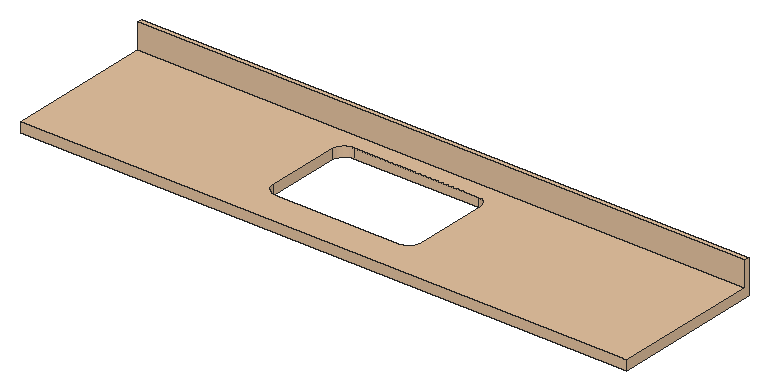
Revit family
Parameters (values of type "600mm Depth")
  Counter Thickness = 40 mm
  Counter Top Material = none
  Depth = 625 mm
  Height [instance] = 940 mm
  Length [instance] = 2500 mm
  Sink Location [instance] = 1200 mm
  Sink Location To Wall [instance] = 100 mm
  Sink Opening Depth [instance] = 378 mm
  Sink Opening Width [instance] = 587 mm
  Assembly Code = ""
Reference planes
  plane 1 "Back": y = 0
  plane 2: z = 0
  plane 3 "Left": x = -1200.462
  plane 4 "Right": x = 1299.538
  plane 5 "Front": y = -625
  plane 6 "Top": z = 940
  plane 7: z = 900
  plane 8: y = -19.05
  plane 9: z = 1041.6
  plane 10: x = -0.462
  plane 11: y = -100
  plane 12: x = 293.038
  plane 13: y = -478
  plane 14: x = -293.962
  plane 15: y = -87.3
  plane 16: x = 305.738
  plane 17: y = -490.7
  plane 18: x = -306.662
Forms (mm)
  Extrusion 1, solid, material <- "Counter Top Material"
    sketch origin (0, 0, 0) x (1, 0, 0) y (0, 1, 0)
      loop
        line (-1200.462, 0) -> (-1200.462, -625) -> (1299.538, -625) -> (1299.538, 0) -> (-1200.462, 0)
    from 900 to 940
  Extrusion 2, solid, material <- "Counter Top Material"
    sketch origin (0, 0, 0) x (1, 0, 0) y (0, 1, 0)
      loop
        line (1299.538, 0) -> (-1200.462, 0) -> (-1200.462, -19.05) -> (1299.538, -19.05) -> (1299.538, 0)
    from 940 to 1041.6
  Extrusion 3, void
    sketch origin (0, 0, 0) x (1, 0, 0) y (0, 1, 0)
      loop
        arc (-255.862, -87.3) -> (-291.783, -102.179) -> (-306.662, -138.1) r 50.8
        line (-306.662, -138.1) -> (-306.662, -439.9)
        arc (-306.662, -439.9) -> (-291.783, -475.821) -> (-255.862, -490.7) r 50.8
        line (-255.862, -490.7) -> (254.938, -490.7)
        arc (254.938, -490.7) -> (290.859, -475.821) -> (305.738, -439.9) r 50.8
        line (305.738, -439.9) -> (305.738, -138.1)
        arc (305.738, -138.1) -> (290.859, -102.179) -> (254.938, -87.3) r 50.8
        line (254.938, -87.3) -> (-255.862, -87.3)
    from 900 to 940
Cuts and joins
  Extrusion 3 cuts Extrusion 1
  Extrusion 3 cuts Extrusion 2
  joined: Extrusion 1, Extrusion 2
Lines and regions (mm)
  Masking region 1
    outline origin (0, 0, 940) x (0, -1, 0) y (1, 0, 0)
      loop
        line (625, -1200.462) -> (625, 1299.538) -> (0, 1299.538) -> (0, -1200.462) -> (625, -1200.462)
  symbolic lines, style "Counter Top"
    curve 1: line (-1200.462, -19.05, 0) -> (1299.538, -19.05, 0)
  symbolic lines, style "Sink Opening"
    curve 2: line (-243.162, -100, 0) -> (242.238, -100, 0)
    curve 3: line (-293.962, -427.2, 0) -> (-293.962, -150.8, 0)
    curve 4: line (242.238, -478, 0) -> (-243.162, -478, 0)
    curve 5: line (293.038, -150.8, 0) -> (293.038, -427.2, 0)
    curve 6: arc (-293.962, -150.8, 0) -> (-279.083, -114.879, 0) -> (-243.162, -100, 0) r 50.8
    curve 7: arc (242.238, -100, 0) -> (278.159, -114.879, 0) -> (293.038, -150.8, 0) r 50.8
    curve 8: arc (293.038, -427.2, 0) -> (278.159, -463.121, 0) -> (242.238, -478, 0) r 50.8
    curve 9: arc (-243.162, -478, 0) -> (-279.083, -463.121, 0) -> (-293.962, -427.2, 0) r 50.8
Dimensions and locks
  "Depth": plane 5 "Front" to plane 1 "Back"
  "Length": plane 3 "Left" to plane 4 "Right"
  "Height": level to plane 6 "Top"
  "Counter Thickness": plane 7 to plane 6 "Top"
  locked: plane 8 to plane 1 "Back" at 19.05
  plane 6 "Top" to plane 9 = 101.6 mm
  "Sink Opening Width": plane 14 to plane 12
  "Sink Opening Depth": plane 13 to plane 11
  "Sink Location": plane 3 "Left" to plane 10
  equal spacing: plane 14, plane 10, plane 12
  "Sink Location To Wall": plane 11 to plane 1 "Back"
  locked: plane 11 to plane 15 at 12.7
  locked: plane 17 to plane 13 at 12.7
  locked: plane 18 to plane 14 at 12.7
  locked: plane 12 to plane 16 at 12.7
  aligned and locked: plane 1 "Back" to Extrusion 1 sketch curve
  aligned and locked: plane 4 "Right" to Extrusion 1 sketch curve
  aligned and locked: Extrusion 1 sketch curve to plane 5 "Front"
  aligned and locked: Extrusion 1 sketch curve to plane 3 "Left"
  aligned and locked: Extrusion 1 to plane 6 "Top"
  aligned and locked: Extrusion 1 to plane 7
  aligned and locked: Extrusion 2 sketch curve to plane 1 "Back"
  aligned and locked: plane 8 to Extrusion 2 sketch curve
  aligned and locked: Extrusion 2 sketch curve to plane 4 "Right"
  aligned and locked: plane 3 "Left" to Extrusion 2 sketch curve
  aligned and locked: Extrusion 2 to plane 9
  aligned and locked: plane 6 "Top" to Extrusion 2
  aligned and locked: Extrusion 3 to plane 6 "Top"
  aligned and locked: Extrusion 1 to Extrusion 3
  aligned and locked: plane 11 to curve 2
  aligned and locked: plane 12 to curve 5
  aligned and locked: curve 4 to plane 13
  aligned and locked: curve 3 to plane 14
  aligned and locked: plane 15 to Extrusion 3 sketch curve
  aligned and locked: plane 16 to Extrusion 3 sketch curve
  aligned and locked: Extrusion 3 sketch curve to plane 17
  aligned and locked: Extrusion 3 sketch curve to plane 18
Automatic sketch dimensions
  curve 1 to plane 4 "Right" = 0 mm
  curve 1 to plane 8 = 0 mm
  curve 2 to plane 14 = 50.8 mm
  curve 9 to curve 4 = 50.8 mm
  plane 12 to curve 4 = 50.8 mm
  curve 7 to curve 5 = 50.8 mm
  Extrusion 3 sketch curve to plane 14 = 38.1 mm  (x2)
  plane 11 to Extrusion 3 sketch curve = 38.1 mm
  plane 12 to Extrusion 3 sketch curve = 38.1 mm
  curve 1 to plane 3 "Left" = 0 mm
  Masking region 1 sketch curve to plane 1 "Back" = 0 mm
  Masking region 1 sketch curve to plane 3 "Left" = 0 mm
  Masking region 1 sketch curve to plane 5 "Front" = 0 mm
  Masking region 1 sketch curve to plane 4 "Right" = 0 mm
